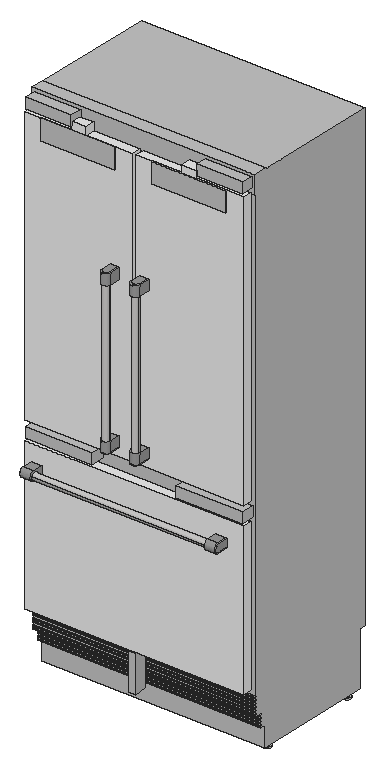
Revit family "FP-Revit20-en-RS9121AUVE1-IntegratedRefrigerator-0-90005532A-AU-NZ-UK-IE-EU-CN", category Specialty Equipment, Revit 2020 (continued)
Definition of nested family "F&P Handle Kit - Contemporary Square Fine - Vertical"
  Automatic sketch dimensions
    Extrusion 4 sketch curve to Extrusion 4 sketch curve = 0 mm
Definition of nested family "Handle Contemporary Round - Vertical"
  Parameters (values of type "AHSRD9121W - Contemporary round handle (1 of 2) (Vertical) 727mm")
    URL = "www.fisherpaykel.com"
    Material - Handle = none
    Manufacturer = "Fisher & Paykel Appliances"
    Handle - Length = 727 mm
    Default Elevation = 0 mm
  Types (3, lengths in mm): name | Handle - Length
    AHSRD3084W - Contemporary round handle (1 of 2) (Vertical) 727mm | 727
    AHSRD9121W - Contemporary round handle (1 of 2) (Vertical) 727mm | 727
    AHSRD3684W - Contemporary round handle (1 of 2) (Vertical) 879mm | 879
  Reference planes
    plane 1 "Center (Front/Back)": y = 0
    plane 2: z = 0
    plane 3 "Center (Left/Right)": x = 0
    plane 4 "Top": z = 363.5
    plane 5 "Bottom": z = -363.5
    plane 6 "Top Standoff": z = 243.5
    plane 7 "Bottom Standoff": z = -243.5
  Forms (mm)
    Extrusion 1, solid, material <- "Material - Handle"
      sketch origin (0, 0, 0) x (1, 0, 0) y (0, 1, 0)
        loop
          circle (0, -32.3) r 8.7
      from -243.5 to 243.5
    Extrusion 2, solid, material <- "Material - Handle", detail levels fine
      sketch origin (0, 0, 0) x (1, 0, 0) y (0, 1, 0)
        loop
          line (-8.7, 0) -> (-8.7, -32.3)
          arc (-8.7, -32.3) -> (0, -41) -> (8.7, -32.3) r 8.7
          line (8.7, -32.3) -> (8.7, 0) -> (-8.7, 0)
      from 243.5 to 363.5
    Extrusion 3, solid, material <- "Material - Handle", detail levels fine
      sketch origin (0, 0, 0) x (1, 0, 0) y (0, 1, 0)
        loop
          line (-8.7, 0) -> (-8.7, -32.3)
          arc (-8.7, -32.3) -> (0, -41) -> (8.7, -32.3) r 8.7
          line (8.7, -32.3) -> (8.7, 0) -> (-8.7, 0)
      from -363.5 to -243.5
    Sweep 4, void
      path in 3D
        loop
          line (8.7, 0, -363.5) -> (8.7, -32.3, -363.5)
          arc (8.7, -32.3, -363.5) -> (0, -41, -363.5) -> (-8.7, -32.3, -363.5) r 8.7
          line (-8.7, -32.3, -363.5) -> (-8.7, 0, -363.5)
      profile origin (8.7, -16.15, -363.5) x (-1, 0, 0) y (0, 0, -1)
        loop
          line (0, 0) -> (0, -1) -> (1, 0) -> (0, 0)
    Sweep 5, void
      path in 3D
        loop
          line (-8.7, 0, 363.5) -> (-8.7, -32.3, 363.5)
          arc (-8.7, -32.3, 363.5) -> (0, -41, 363.5) -> (8.7, -32.3, 363.5) r 8.7
          line (8.7, -32.3, 363.5) -> (8.7, 0, 363.5)
      profile origin (8.7, -16.15, 363.5) x (-1, 0, 0) y (0, 0, 1)
        loop
          line (0, 0) -> (0, -1) -> (1, 0) -> (0, 0)
    Extrusion 6, solid, material <- "Material - Handle", detail levels coarse+medium
      sketch origin (0, 0, 0) x (1, 0, 0) y (0, 1, 0)
        loop
          line (-8.7, 0) -> (-8.7, -32.3)
          arc (-8.7, -32.3) -> (0, -41) -> (8.7, -32.3) r 8.7
          line (8.7, -32.3) -> (8.7, 0) -> (-8.7, 0)
      from 243.5 to 363.5
    Extrusion 7, solid, material <- "Material - Handle", detail levels coarse+medium
      sketch origin (0, 0, 0) x (1, 0, 0) y (0, 1, 0)
        loop
          line (-8.7, 0) -> (-8.7, -32.3)
          arc (-8.7, -32.3) -> (0, -41) -> (8.7, -32.3) r 8.7
          line (8.7, -32.3) -> (8.7, 0) -> (-8.7, 0)
      from -363.5 to -243.5
  Cuts and joins
    Sweep 4 cuts Extrusion 3
    Sweep 5 cuts Extrusion 2
  Lines and regions (mm)
    sketch lines
      curve 1: line (8.7, 0, -363.5) -> (8.7, -32.3, -363.5)
      curve 2: arc (-8.7, -32.3, -363.5) -> (0, -41, -363.5) -> (8.7, -32.3, -363.5) r 8.7
      curve 3: line (-8.7, -32.3, -363.5) -> (-8.7, 0, -363.5)
      curve 4: line (8.7, -32.3, 363.5) -> (8.7, 0, 363.5)
      curve 5: arc (8.7, -32.3, 363.5) -> (0, -41, 363.5) -> (-8.7, -32.3, 363.5) r 8.7
      curve 6: line (-8.7, 0, 363.5) -> (-8.7, -32.3, 363.5)
  Dimensions and locks
    equal spacing: plane 4 "Top", level, plane 5 "Bottom"
    "Handle - Length": plane 4 "Top" to plane 5 "Bottom"
    locked: plane 4 "Top" to plane 6 "Top Standoff" at 120
    locked: plane 7 "Bottom Standoff" to plane 5 "Bottom" at 120
    Extrusion 2 sketch curve to Extrusion 2 sketch curve = 17.4 mm
    Extrusion 3 sketch curve to Extrusion 3 sketch curve = 17.4 mm
    Extrusion 6 sketch curve to Extrusion 6 sketch curve = 17.4 mm
    Extrusion 7 sketch curve to Extrusion 7 sketch curve = 17.4 mm
    aligned and locked: level to plane 2
    aligned and locked: plane 4 "Top" to Extrusion 2
    aligned and locked: Extrusion 3 to plane 5 "Bottom"
    aligned and locked: plane 7 "Bottom Standoff" to Extrusion 3
    aligned and locked: Extrusion 1 to plane 7 "Bottom Standoff"
    aligned and locked: plane 6 "Top Standoff" to Extrusion 1
    aligned and locked: Extrusion 2 to Extrusion 1
    aligned and locked: Extrusion 6 to Extrusion 1
    aligned and locked: plane 4 "Top" to Extrusion 6
    aligned and locked: Extrusion 7 to Extrusion 1
    aligned and locked: Extrusion 7 to plane 5 "Bottom"
  Automatic sketch dimensions
    Extrusion 1 sketch curve to plane 3 "Center (Left/Right)" = 0 mm
    plane 1 "Center (Front/Back)" to Extrusion 1 sketch curve = 32.3 mm
    plane 1 "Center (Front/Back)" to Extrusion 2 sketch curve = 0 mm
    Extrusion 2 sketch curve to plane 3 "Center (Left/Right)" = 0 mm
    Extrusion 2 sketch curve to plane 3 "Center (Left/Right)" = 8.7 mm
    plane 1 "Center (Front/Back)" to Extrusion 2 sketch curve = 32.3 mm
    plane 1 "Center (Front/Back)" to Extrusion 3 sketch curve = 0 mm
    Extrusion 3 sketch curve to plane 3 "Center (Left/Right)" = 0 mm
    Extrusion 3 sketch curve to plane 3 "Center (Left/Right)" = 8.7 mm
    plane 1 "Center (Front/Back)" to Extrusion 3 sketch curve = 32.3 mm
    Sweep 4 sketch curve to profile plane = 0 mm  (x2)
    Sweep 4 sketch curve to profile plane = 1 mm  (x2)
    Sweep 5 sketch curve to profile plane = 0 mm  (x2)
    Sweep 5 sketch curve to profile plane = 1 mm  (x2)
    Extrusion 6 sketch curve to plane 3 "Center (Left/Right)" = 0 mm
    Extrusion 6 sketch curve to plane 3 "Center (Left/Right)" = 8.7 mm
    plane 1 "Center (Front/Back)" to Extrusion 6 sketch curve = 32.3 mm
    Extrusion 6 sketch curve to Extrusion 6 sketch curve = 32.3 mm
    Extrusion 7 sketch curve to plane 3 "Center (Left/Right)" = 0 mm
    Extrusion 7 sketch curve to plane 3 "Center (Left/Right)" = 8.7 mm
    plane 1 "Center (Front/Back)" to Extrusion 7 sketch curve = 32.3 mm
    Extrusion 7 sketch curve to Extrusion 7 sketch curve = 32.3 mm
    radius of Extrusion 1 sketch curve = 8.7 mm
Definition of nested family "Handle Professional Round - Horizontal"
  Parameters (values of type "AHP3RD9121W - Professional round handle (2 of 2) (Horizontal) 798mm")
    URL = "www.fisherpaykel.com"
    Material - Standoff = none
    Material - Handle = none
    Manufacturer = "Fisher & Paykel Appliances"
    Handle - Length = 798 mm
    Default Elevation = 0 mm
  Types (4, lengths in mm): name | Handle - Length
    AHCRD3084W - Professional round handle (2 of 2) (Horizontal) 580mm | 646
    AHP3RD9121W - Professional round handle (2 of 2) (Horizontal) 798mm | 798
    AHP3RD3684WBA - Professional round handle Brass (2 of 2) (Horizontal) 798mm | 798
    AHP3RD3684WDC - Professional round handle Dark Copper (2 of 2) (Horizontal) 798mm | 798
  Reference planes
    plane 1 "Center (Front/Back)": y = 0
    plane 2: z = 0
    plane 3 "Center (Left/Right)": x = 0
    plane 4 "Product LHS": x = -399
    plane 5 "Product RHS": x = 399
    plane 6 "LHS Standoff": x = -355
    plane 7 "RHS Standoff": x = 355
  Forms (mm)
    Extrusion 1, solid, material <- "Material - Standoff", detail levels fine
      sketch origin (0, 0, 0) x (0, 1, 0) y (0, 0, 1)
        loop
          line (0, 18.5) -> (-41.7, 18.5)
          arc (-41.7, 18.5) -> (-60.2, 0) -> (-41.7, -18.5) r 18.5
          line (-41.7, -18.5) -> (0, -18.5) -> (0, 18.5)
      from 355 to 399
    Extrusion 2, solid, material <- "Material - Standoff", detail levels fine
      sketch origin (0, 0, 0) x (0, 1, 0) y (0, 0, 1)
        loop
          line (0, 18.5) -> (-41.7, 18.5)
          arc (-41.7, 18.5) -> (-60.2, 0) -> (-41.7, -18.5) r 18.5
          line (-41.7, -18.5) -> (0, -18.5) -> (0, 18.5)
      from -399 to -355
    Sweep 3, void
      path in 3D
        loop
          line (399, 0, 18.5) -> (399, -41.7, 18.5)
          arc (399, -41.7, 18.5) -> (399, -60.2, 0) -> (399, -41.7, -18.5) r 18.5
          line (399, -41.7, -18.5) -> (399, 0, -18.5)
      profile origin (399, -20.85, 18.5) x (1, 0, 0) y (0, 0, 1)
        loop
          line (0, 0) -> (-3, 0) -> (0, -3) -> (0, 0)
    Sweep 4, void
      path in 3D
        loop
          line (-399, 0, -18.5) -> (-399, -41.7, -18.5)
          arc (-399, -41.7, -18.5) -> (-399, -60.2, 0) -> (-399, -41.7, 18.5) r 18.5
          line (-399, -41.7, 18.5) -> (-399, 0, 18.5)
      profile origin (-399, -20.85, 18.5) x (-1, 0, 0) y (0, 0, 1)
        loop
          line (0, 0) -> (-3, 0) -> (0, -3) -> (0, 0)
    Extrusion 5, solid, material <- "Material - Handle"
      sketch origin (0, -2.3, 0) x (0, 1, 0) y (0, 0, 1)
        loop
          circle (-39.4, 0) r 12.7
      from -355 to 355
    Extrusion 6, solid, material <- "Material - Standoff", detail levels coarse+medium
      sketch origin (0, 0, 0) x (0, 1, 0) y (0, 0, 1)
        loop
          line (0, 18.5) -> (-41.7, 18.5)
          arc (-41.7, 18.5) -> (-60.2, 0) -> (-41.7, -18.5) r 18.5
          line (-41.7, -18.5) -> (0, -18.5) -> (0, 18.5)
      from 399 to 355
    Extrusion 7, solid, material <- "Material - Standoff", detail levels coarse+medium
      sketch origin (0, 0, 0) x (0, 1, 0) y (0, 0, 1)
        loop
          line (0, 18.5) -> (-41.7, 18.5)
          arc (-41.7, 18.5) -> (-60.2, 0) -> (-41.7, -18.5) r 18.5
          line (-41.7, -18.5) -> (0, -18.5) -> (0, 18.5)
      from -355 to -399
  Cuts and joins
    Sweep 3 cuts Extrusion 1
    Sweep 4 cuts Extrusion 2
  Lines and regions (mm)
    sketch lines
      curve 1: line (399, 0, 18.5) -> (399, -41.7, 18.5)
      curve 2: arc (399, -41.7, -18.5) -> (399, -60.2, 0) -> (399, -41.7, 18.5) r 18.5
      curve 3: line (399, -41.7, -18.5) -> (399, 0, -18.5)
      curve 4: line (-399, -41.7, 18.5) -> (-399, 0, 18.5)
      curve 5: arc (-399, -41.7, 18.5) -> (-399, -60.2, 0) -> (-399, -41.7, -18.5) r 18.5
      curve 6: line (-399, 0, -18.5) -> (-399, -41.7, -18.5)
  Dimensions and locks
    equal spacing: plane 4 "Product LHS", plane 3 "Center (Left/Right)", plane 5 "Product RHS"
    "Handle - Length": plane 4 "Product LHS" to plane 5 "Product RHS"
    plane 4 "Product LHS" to plane 6 "LHS Standoff" = 44 mm
    plane 7 "RHS Standoff" to plane 5 "Product RHS" = 44 mm
    aligned and locked: level to plane 2
    aligned and locked: Extrusion 1 to plane 7 "RHS Standoff"
    aligned and locked: Extrusion 1 to plane 5 "Product RHS"
    aligned and locked: plane 4 "Product LHS" to Extrusion 2
    aligned and locked: plane 6 "LHS Standoff" to Extrusion 2
    aligned and locked: Extrusion 5 to plane 6 "LHS Standoff"
    aligned and locked: plane 7 "RHS Standoff" to Extrusion 5
    aligned and locked: plane 5 "Product RHS" to Extrusion 6
    aligned and locked: plane 7 "RHS Standoff" to Extrusion 6
    aligned and locked: Extrusion 7 to plane 4 "Product LHS"
    aligned and locked: Extrusion 7 to plane 6 "LHS Standoff"
  Automatic sketch dimensions
    Extrusion 1 sketch curve to level = 0 mm
    Extrusion 1 sketch curve to plane 1 "Center (Front/Back)" = 0 mm
    Extrusion 1 sketch curve to level = 18.5 mm
    plane 1 "Center (Front/Back)" to Extrusion 1 sketch curve = 41.7 mm
    Extrusion 2 sketch curve to level = 0 mm
    Extrusion 2 sketch curve to plane 1 "Center (Front/Back)" = 0 mm
    Extrusion 2 sketch curve to level = 18.5 mm
    plane 1 "Center (Front/Back)" to Extrusion 2 sketch curve = 41.7 mm
    Sweep 3 sketch curve to profile plane = 0 mm
    profile plane to Sweep 3 sketch curve = 0 mm
    profile plane to Sweep 3 sketch curve = 3 mm
    Sweep 3 sketch curve to profile plane = 3 mm
    Sweep 4 sketch curve to profile plane = 0 mm  (x2)
    profile plane to Sweep 4 sketch curve = 3 mm
    Sweep 4 sketch curve to profile plane = 3 mm
    Extrusion 5 sketch curve to level = 0 mm
    plane 1 "Center (Front/Back)" to Extrusion 5 sketch curve = 41.7 mm
    Extrusion 6 sketch curve to level = 0 mm
    level to Extrusion 6 sketch curve = 18.5 mm
    plane 1 "Center (Front/Back)" to Extrusion 6 sketch curve = 41.7 mm
    Extrusion 6 sketch curve to Extrusion 6 sketch curve = 41.7 mm
    Extrusion 7 sketch curve to level = 0 mm
    level to Extrusion 7 sketch curve = 18.5 mm
    plane 1 "Center (Front/Back)" to Extrusion 7 sketch curve = 41.7 mm
    Extrusion 7 sketch curve to Extrusion 7 sketch curve = 41.7 mm
    radius of Extrusion 5 sketch curve = 12.7 mm
Definition of nested family "Handle Professional Round - Vertical"
  Parameters (values of type "AHP3RD9121W - Professional round handle (1 of 2) (Vertical) 661mm")
    URL = "www.fisherpaykel.com"
    Material - Standoff = none
    Material - Handle = none
    Manufacturer = "Fisher & Paykel Appliances"
    Handle - Length = 661 mm
    Default Elevation = 0 mm
  Types (4): name
    AHCRD3084W - Professional round handle (1 of 2) (Vertical) 661mm
    AHP3RD9121W - Professional round handle (1 of 2) (Vertical) 661mm
    AHCRD3684WBA - Professional round handle Brass (1 of 2) (Vertical) 661mm
    AHCRD3684WDC - Professional round handle Dark Copper (1 of 2) (Vertical) 661mm
  Reference planes
    plane 1 "Center (Front/Back)": y = 0
    plane 2: z = 0
    plane 3 "Center (Left/Right)": x = 0
    plane 4 "Top": z = 330.5
    plane 5 "Bottom": z = -330.5
    plane 6 "Top Standoff": z = 286.5
    plane 7 "Bottom Standoff": z = -286.5
  Forms (mm)
    Extrusion 1, solid, material <- "Material - Standoff", detail levels fine
      sketch origin (0, 0, 0) x (1, 0, 0) y (0, 1, 0)
        loop
          line (-18.5, 0) -> (-18.5, -41.7)
          arc (-18.5, -41.7) -> (0, -60.2) -> (18.5, -41.7) r 18.5
          line (18.5, -41.7) -> (18.5, 0) -> (-18.5, 0)
      from 286.5 to 330.5
    Extrusion 2, solid, material <- "Material - Standoff", detail levels fine
      sketch origin (0, 0, 0) x (1, 0, 0) y (0, 1, 0)
        loop
          line (-18.5, 0) -> (-18.5, -41.7)
          arc (-18.5, -41.7) -> (0, -60.2) -> (18.5, -41.7) r 18.5
          line (18.5, -41.7) -> (18.5, 0) -> (-18.5, 0)
      from -330.5 to -286.5
    Extrusion 3, solid, material <- "Material - Handle"
      sketch origin (0, 0, 0) x (1, 0, 0) y (0, 1, 0)
        loop
          circle (0, -41.7) r 12.7
      from -286.5 to 286.5
    Sweep 4, void
      path in 3D
        loop
          line (-18.5, 0, 330.5) -> (-18.5, -41.7, 330.5)
          arc (-18.5, -41.7, 330.5) -> (0, -60.2, 330.5) -> (18.5, -41.7, 330.5) r 18.5
          line (18.5, -41.7, 330.5) -> (18.5, 0, 330.5)
      profile origin (18.5, -20.85, 330.5) x (-1, 0, 0) y (0, 0, 1)
        loop
          line (0, 0) -> (0, -3) -> (3, 0) -> (0, 0)
    Sweep 5, void
      path in 3D
        loop
          line (18.5, 0, -330.5) -> (18.5, -41.7, -330.5)
          arc (18.5, -41.7, -330.5) -> (0, -60.2, -330.5) -> (-18.5, -41.7, -330.5) r 18.5
          line (-18.5, -41.7, -330.5) -> (-18.5, 0, -330.5)
      profile origin (18.5, -20.85, -330.5) x (-1, 0, 0) y (0, 0, -1)
        loop
          line (0, 0) -> (0, -3) -> (3, 0) -> (0, 0)
    Extrusion 6, solid, material <- "Material - Standoff", detail levels coarse+medium
      sketch origin (0, 0, 0) x (1, 0, 0) y (0, 1, 0)
        loop
          line (-18.5, 0) -> (-18.5, -41.7)
          arc (-18.5, -41.7) -> (0, -60.2) -> (18.5, -41.7) r 18.5
          line (18.5, -41.7) -> (18.5, 0) -> (-18.5, 0)
      from 286.5 to 330.5
    Extrusion 7, solid, material <- "Material - Standoff", detail levels coarse+medium
      sketch origin (0, 0, 0) x (1, 0, 0) y (0, 1, 0)
        loop
          line (-18.5, 0) -> (-18.5, -41.7)
          arc (-18.5, -41.7) -> (0, -60.2) -> (18.5, -41.7) r 18.5
          line (18.5, -41.7) -> (18.5, 0) -> (-18.5, 0)
      from -330.5 to -286.5
  Cuts and joins
    Sweep 4 cuts Extrusion 1
    Sweep 5 cuts Extrusion 2
  Lines and regions (mm)
    sketch lines
      curve 1: line (18.5, -41.7, 330.5) -> (18.5, 0, 330.5)
      curve 2: arc (18.5, -41.7, 330.5) -> (0, -60.2, 330.5) -> (-18.5, -41.7, 330.5) r 18.5
      curve 3: line (-18.5, 0, 330.5) -> (-18.5, -41.7, 330.5)
      curve 4: line (18.5, 0, -330.5) -> (18.5, -41.7, -330.5)
      curve 5: arc (-18.5, -41.7, -330.5) -> (0, -60.2, -330.5) -> (18.5, -41.7, -330.5) r 18.5
      curve 6: line (-18.5, -41.7, -330.5) -> (-18.5, 0, -330.5)
  Dimensions and locks
    equal spacing: plane 4 "Top", level, plane 5 "Bottom"
    "Handle - Length": plane 4 "Top" to plane 5 "Bottom"
    plane 4 "Top" to plane 6 "Top Standoff" = 44 mm
    plane 7 "Bottom Standoff" to plane 5 "Bottom" = 44 mm
    aligned and locked: level to plane 2
    aligned and locked: plane 4 "Top" to Extrusion 1
    aligned and locked: Extrusion 1 to plane 6 "Top Standoff"
    aligned and locked: Extrusion 2 to plane 5 "Bottom"
    aligned and locked: plane 7 "Bottom Standoff" to Extrusion 2
    aligned and locked: plane 6 "Top Standoff" to Extrusion 3
    aligned and locked: Extrusion 3 to plane 7 "Bottom Standoff"
    aligned and locked: plane 4 "Top" to Extrusion 6
    aligned and locked: Extrusion 7 to plane 5 "Bottom"
    aligned and locked: plane 7 "Bottom Standoff" to Extrusion 7
    aligned and locked: Extrusion 6 to plane 6 "Top Standoff"
  Automatic sketch dimensions
    plane 1 "Center (Front/Back)" to Extrusion 1 sketch curve = 0 mm
    Extrusion 1 sketch curve to plane 3 "Center (Left/Right)" = 0 mm
    Extrusion 1 sketch curve to plane 3 "Center (Left/Right)" = 18.5 mm
    plane 1 "Center (Front/Back)" to Extrusion 1 sketch curve = 41.7 mm
    plane 1 "Center (Front/Back)" to Extrusion 2 sketch curve = 0 mm
    Extrusion 2 sketch curve to plane 3 "Center (Left/Right)" = 0 mm
    Extrusion 2 sketch curve to plane 3 "Center (Left/Right)" = 18.5 mm
    plane 1 "Center (Front/Back)" to Extrusion 2 sketch curve = 41.7 mm
    Extrusion 3 sketch curve to plane 3 "Center (Left/Right)" = 0 mm
    plane 1 "Center (Front/Back)" to Extrusion 3 sketch curve = 41.7 mm
    Sweep 4 sketch curve to profile plane = 0 mm  (x2)
    Sweep 4 sketch curve to profile plane = 3 mm  (x2)
    Sweep 5 sketch curve to profile plane = 0 mm  (x2)
    Sweep 5 sketch curve to profile plane = 3 mm  (x2)
    Extrusion 6 sketch curve to plane 3 "Center (Left/Right)" = 0 mm
    Extrusion 6 sketch curve to plane 3 "Center (Left/Right)" = 18.5 mm
    plane 1 "Center (Front/Back)" to Extrusion 6 sketch curve = 41.7 mm
    Extrusion 6 sketch curve to Extrusion 6 sketch curve = 41.7 mm
    Extrusion 7 sketch curve to plane 3 "Center (Left/Right)" = 0 mm
    Extrusion 7 sketch curve to plane 3 "Center (Left/Right)" = 18.5 mm
    plane 1 "Center (Front/Back)" to Extrusion 7 sketch curve = 41.7 mm
    Extrusion 7 sketch curve to Extrusion 7 sketch curve = 41.7 mm
    radius of Extrusion 3 sketch curve = 12.7 mm
Definition of nested family "Visibility Control Note 18"
  Types (3): name
    New
    Resolved
    Active
  Reference planes
    plane 1: y = 0
    plane 2: x = 0
  Text (mm)
    text "Edit Type: \nTo control handle kit \nand door panel visibility\n options\n\nDelete unwanted kits \nto reduce file size" at (-0.165, 35.556, 0)
